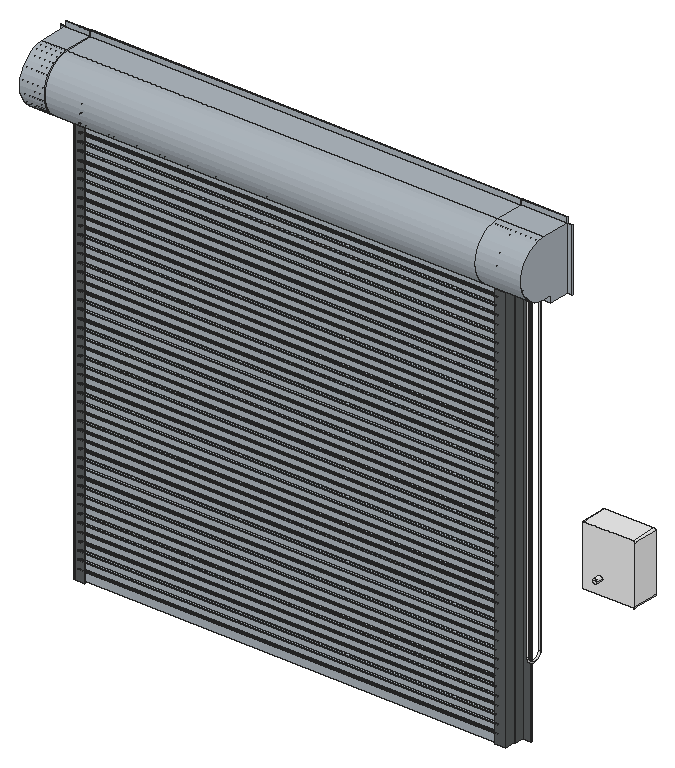
Revit family "Doors_Industrial_Wayne-Dalton_Advanced-Rolling-Door-System-Model-800-ADV", category Specialty Equipment, host Wall, Revit 2026
Family settings
  Host = Wall
  Round Connector Dimension = Use Diameter
  Part Type = Normal
  Classification Number = 23.30.10.21.34
  Enable Cutting in Views = No
  Always vertical = Yes
  Cut with Voids When Loaded = Yes
  Maintain Annotation Orientation = No
  Shared = No
  Room Calculation Point = No
Parameters (values of type "208 volts, one phase, 60 Hz (208-240V range)")
  X Motor [instance] = if(or(Opening Height < 120", Opening Height = 120"), 18 1/2", if(or(Opening Height < 180", Opening Height = 180"), 20", if(or(Opening Height < 240", Opening Height = 240"), 22", 22")))  # 18 1/2"
  X ChainH [instance] = if(or(Opening Height < 120", Opening Height = 120"), 18 1/2", if(or(Opening Height < 180", Opening Height = 180"), 20", if(or(Opening Height < 240", Opening Height = 240"), 22", 22")))  # 18 1/2"
  Warning Sign [instance] = if(Calculated Area > 683.00 SF, 1 = 1, 1 = 2)  # no
  Warning (Note) [instance] = if(Warning Sign, "The Door Area is out of the limit; please adjust accordingly. The maximum allowed area is 683 sq. ft.", " ")  # " "
  Wall Thickness [instance] = 6"
  Voltage = 208 V
  True Opening Width [instance] = Clear Width  # 120"
  True Opening Height [instance] = Clear Height  # 120"
  Slat Type [instance] = if(Slat Option < 2, "№4", if(Slat Option = 2, "№14", "№14 - Secur-Vent"))  # "№14"
  Slat Option [instance] = 2  # constant formula
  Slat Length [instance] = Clear Width + G Value * 2 - 1" / 2 * 2  # 126"
  Slat Height [instance] = if(Slat < 2, 13 205/256", 12 1/4")  # 12 1/4"
  Slat [instance] = if(Slat Option < 2, 1, if(Slat Option = 2, 2, if(Slat Option = 3, 3, 4)))  # 2
  Side Room Right [instance] = 18"  # constant formula
  Side Room Left [instance] = 12"  # constant formula
  Product Page URL = "https://www.wayne-dalton.com/advanced-rolling-door-systems-800adv"
  Power Factor = 1
  Powder Coat (Note) = "Wayne Dalton also offers approximately 200 RAL powder coat options to complement the exterior colors of a building."  # constant formula
  Operator Visibility = yes
  Opening Width Real [instance] = if(Opening Width > Max Opening Width, Max Opening Width, if(Opening Width < Min Opening Width, Min Opening Width, Opening Width))  # 120"
  Opening Width [instance] = 120"
  Opening Height Real [instance] = if(Opening Height > Max Opening Height, Max Opening Height, if(Opening Height < Min Opening Height, Min Opening Height, Opening Height))  # 120"
  Opening Height [instance] = 120"
  One Array element [instance] = not(Array Vis)  # no
  Number of Poles = 1
  Min Opening Width [instance] = 18"  # constant formula
  Min Opening Height [instance] = 24"  # constant formula
  Max Opening Width [instance] = 360"  # constant formula
  Max Opening Height [instance] = 360"  # constant formula
  Material Finish [instance] = 800 ADV : Standard - Gray
  M Value [instance] = if(or(Opening Width < 108", Opening Width = 108"), 5 3/4", if(or(Opening Width < 180", Opening Width = 180"), 6 1/4", if(or(Opening Width < 240", Opening Width = 240"), 7 1/4", 9 1/4")))  # 6 1/4"
  Jambs Offset L [instance] = 0"  # constant formula
  Jambs Offset R [instance] = 0"  # constant formula
  Installation Real [instance] = Wall Thickness  # 6"
  Hood Type [instance] = "Round Hood"  # constant formula
  Hood Offset [instance] = 2"  # constant formula
  Hood Material [instance] = Metal - Wayne Dalton - Gray
  Hood Height [instance] = if(Chain Hoist or Manual, Y ChainH - 2", Y Motor - 2")  # 16 1/2"
  Y Motor [instance] = if(or(Opening Height < 120", Opening Height = 120"), 18 1/2", if(or(Opening Height < 180", Opening Height = 180"), 20", if(or(Opening Height < 240", Opening Height = 240"), 22", 22")))  # 18 1/2"
  Y ChainH [instance] = if(or(Opening Height < 120", Opening Height = 120"), 18 1/2", if(or(Opening Height < 180", Opening Height = 180"), 20", if(or(Opening Height < 240", Opening Height = 240"), 22", 22")))  # 18 1/2"
  Headroom Height Lift [instance] = Y Motor + Hood Offset  # 20 1/2"
  Headroom Height [instance] = Headroom Height Lift + 1 1/2"  # 22"
  Guide Type [instance] = "Angled Z Guide"  # constant formula
  Guide Option [instance] = 2  # constant formula
  Guid Depth [instance] = D Value  # 6 1/4"
  G Value [instance] = if(or(Opening Width < 108", Opening Width = 108"), 3", if(or(Opening Width < 180", Opening Width = 180"), 3 1/2", if(or(Opening Width < 240", Opening Width = 240"), 4", 5 9/16")))  # 3 1/2"
  Frequency = 60 Hz
  Face Of Wall Mounting [instance] = not(Between Jambs Mounting)  # yes
  Door Width True [instance] = Clear Width + M Value * 2  # 132 1/2"
  Door Width (Real) [instance] = Clear Width + 1" / 2  # 120 1/2"
  Door Height True [instance] = Clear Width + Headroom Height  # 142"
  Door Height (Real) [instance] = Clear Height + Hood Offset  # 122"
  URL = "https://www.wayne-dalton.com/"
  Product data url = "https://www.bimobject.com/wayne-dalton/product/advanced-rolling-door-systems-800-adv"
  Product Guid = "0b55cba0-5740-4beb-a360-9fda8dc8a982"
  Model = "800 ADV"  # constant formula
  Manufacturer = "Wayne Dalton"  # constant formula
  Wall Closure = By host
  Floor To (CL) of Shaft [instance] = Clear Height + Hood Offset + 2" + Hood Height / 2  # 132 1/4"
  Finish Material = Finish - Wayne Dalton - Black
  Description = "Model 800 ADV Advanced Rolling Door System"  # constant formula
  Default Elevation = 0"
  D Value Clearance [instance] = D Value  # 6 1/4"
  D Value [instance] = if(or(Opening Width < 108", Opening Width = 108"), 5 11/16", if(or(Opening Width < 180", Opening Width = 180"), 6 1/4", if(or(Opening Width < 240", Opening Width = 240"), 6 3/16", 7 1/16")))  # 6 1/4"
  Clearance [instance] = no
  Clear Width [instance] = Opening Width Real  # 120"
  Clear Height [instance] = Opening Height Real  # 120"
  Chain Hoist or Manual = no
  Current = 20 A
  Connector Array Distance = 0"  # constant formula
  Connector Array = if(Chain Hoist or Manual, 2, 3)  # 3
  Between Jambs Mounting [instance] = 1 = 2  # no
  Bar [instance] = if(Face Of Wall Mounting, 1 = 1, 1 = 2)  # yes
  Backroom Depth [instance] = X Motor - 1 1/2"  # 17"
  BJ Opening Cut [instance] = 0"  # constant formula
  Array Vis [instance] = if(Array < 2, 1 = 2, 1 = 1)  # yes
  Array Real [instance] = if(Array < 2, 2, Array)  # 10
  Array Length [instance] = (Array) * Slat Height  # 122 1/2"
  Array [instance] = rounddown(([Door Height (Real)] - 3") / Slat Height) + 1  # 10
  Calculated Area [instance] = [Door Width (Real)] * [Door Height (Real)]  # 102.09 SF
  Apparent Load Phase 3 = if(Number of Poles = 1, 0 VA, (Voltage * Current * sqrt(3)) / 3)  # 0 VA
  Apparent Load Phase 2 = if(Number of Poles = 1, 0 VA, (Voltage * Current * sqrt(3)) / 3)  # 0 VA
  Apparent Load Phase 1 = if(Number of Poles = 1, Voltage * Current, (Voltage * Current * sqrt(3)) / 3)  # 4160 VA
Reference planes (in)
  plane 1 "Center (Front/Back)": y = -13.625
  plane 2 "Center (Left/Right)": x = 0
  plane 3 "Left": x = -60
  plane 4 "Right": x = 60
  plane 5 "Exterior": y = -7.625
  plane 6 "Interior": y = -13.625
  plane 7: z = 120
  plane 8 "Main": y = -19.23437
  plane 9 "Backroom Depth": y = -30.625
  plane 10 "Main Door Block": y = -13.625
  plane 11 "Bottom Bar": z = 2.75
  plane 12: y = -19.875
  plane 13: z = 125.25
  plane 14: z = 140.5
  plane 15: z = 122
  plane 16: z = 142
  plane 17: z = 0
  plane 18: z = 60
  plane 19: y = -19.125
  plane 20 "Double Main": y = -18.656
  plane 21 "Headroom Top": z = 142
  plane 22: z = 132.25
  plane 23: x = 63.5
  plane 24: x = -63.5
  plane 25: z = 113
  plane 26: z = 124
  plane 27: x = 62.8125
  plane 28: z = 2.75
  plane 29: y = -19.125
  plane 30: z = 113
  plane 31: y = -19.125
  plane 32: z = 15
  plane 33: y = -19.125
  plane 34: z = 27.25
  plane 35: y = -19.125
  plane 36: z = 39.5
  plane 37: y = -19.125
  plane 38: z = 51.75
  plane 39: y = -19.125
  plane 40: z = 64
  plane 41: y = -19.125
  plane 42: z = 76.25
  plane 43: y = -19.125
  plane 44: z = 88.5
  plane 45: y = -19.125
  plane 46: z = 100.75
  plane 47: y = -19.125
Forms (in)
  Extrusion 1, void
    sketch origin (0, -13.625, 0) x (0, 0, -1) y (-1, 0, 0)
      loop
        line (-120, 60) -> (-120, -60) -> (0, -60) -> (0, 60) -> (-120, 60)
    from 0 to 6
  Extrusion 2, solid, material "Metal - Wayne Dalton - Gray" <- "Hood Material", visible <- "Bar"
    sketch origin (0, 0, 0) x (0, 1, 0) y (0, 0, 1)
      loop
        line (-13.875, 140.5) -> (-13.625, 140.5) -> (-13.625, 142) -> (-13.875, 142) -> (-13.875, 140.5)
    from -63.25 to 63.25
  Extrusion 3, solid, material "Clearance - Wayne Dalton - Red", visible <- "Clearance"
    sketch origin (0, 0, 0) x (1, 0, 0) y (0, 1, 0)
      loop
        line (78.25, -13.625) -> (60.25, -13.625) -> (60.25, -19.875) -> (78.25, -19.875) -> (78.25, -13.625)
      loop
        line (-60.25, -13.625) -> (-72.25, -13.625) -> (-72.25, -19.875) -> (-60.25, -19.875) -> (-60.25, -13.625)
    from 0 to 122
Lines and regions (in)
  symbolic lines, visible <- "Bar"
    curve 1: line (63.25, -13.625, 0) -> (-63.25, -13.625, 0)
    curve 2: line (-63.25, -13.875, 0) -> (63.25, -13.875, 0)
Text (in)
  text "Exterior" at (-74.96733, 27.31104, 0), in view "Ref. Level"
  text "Interior" at (-74.96733, -25.14366, 0), in view "Ref. Level"
  text "Exterior" at (0, 40.15149, 123.01588), in view "Right"
  text "Interior" at (0, -64.39139, 123.01588), in view "Right"
  text "Interior" at (0, -31.01599, 123.00693), in view "Left"
  text "Exterior" at (0, 54.57065, 123.00693), in view "Left"
Dimensions and locks (in)
  equal spacing: plane 3 "Left", plane 2 "Center (Left/Right)", plane 4 "Right"
  "Clear Width": plane 3 "Left" to plane 4 "Right"
  level to host wall = 459.59655"
  "Clear Height": level to plane 7
  locked: plane 11 "Bottom Bar" to level at 2.75
  locked: plane 12 to plane 8 "Main" at 0.64063
  "Array Length": plane 13 to plane 11 "Bottom Bar"
  "Backroom Depth": plane 9 "Backroom Depth" to plane 10 "Main Door Block"
  locked: plane 16 to plane 14 at 1.5
  locked: Extrusion 2 sketch curve to Extrusion 2 sketch curve at 0.25
  "Installation Real": plane 1 "Center (Front/Back)" to plane 5 "Exterior"
  "Wall Thickness": host wall to host wall
  equal spacing: plane 7, plane 18, plane 17
  locked: plane 8 "Main" to plane 19 at 0.10937
  locked: plane 8 "Main" to plane 20 "Double Main" at 0.57837
  "BJ Opening Cut": Extrusion 1 sketch curve to plane 7
  locked: Extrusion 2 sketch curve to Extrusion 2 sketch curve at 1.5
  "Hood Offset": plane 15 to plane 7
  "Headroom Height": plane 21 "Headroom Top" to plane 7
  "Floor To (CL) of Shaft": plane 22 to level
  "Jambs Offset R": plane 4 "Right" to Extrusion 1 sketch curve
  "Jambs Offset L": Extrusion 1 sketch curve to plane 3 "Left"
  "G Value": plane 23 to plane 4 "Right"
  "G Value": plane 3 "Left" to plane 24
  "Guid Depth": plane 12 to plane 1 "Center (Front/Back)"
  "Slat Height": plane 13 to plane 25
  equal spacing: group 1, group 3, group 4, group 5, group 6, group 7, group 8, group 9, group 10, group 2  (x3)
  locked: plane 23 to Extrusion 2 at 0.25
  locked: plane 24 to Extrusion 2 at 0.25
  locked: plane 26 to plane 15 at 2
  "Hood Height": plane 14 to plane 26
  locked: plane 4 "Right" to plane 27 at 2.8125
  "D Value Clearance": Extrusion 3 sketch curve to Extrusion 3 sketch curve
  locked: plane 4 "Right" to Extrusion 3 sketch curve at 0.25
  "Side Room Right": Extrusion 3 sketch curve to Extrusion 3 sketch curve
  locked: Extrusion 3 sketch curve to plane 3 "Left" at 0.25
  "Side Room Left": Extrusion 3 sketch curve to Extrusion 3 sketch curve
  aligned and locked: plane 5 "Exterior" to host wall
  aligned and locked: host wall to plane 6 "Interior"
  aligned and locked: level to Extrusion 1 sketch curve
  aligned and locked: Extrusion 1 to plane 5 "Exterior"
  aligned and locked: plane 6 "Interior" to Extrusion 1
  aligned and locked: Extrusion 2 sketch curve to plane 16
  aligned and locked: plane 6 "Interior" to Extrusion 2 sketch curve
  aligned and locked: curve 1 to Extrusion 2  (x2)
  aligned and locked: curve 2 to Extrusion 2  (x2)
  aligned and locked: Extrusion 2 to curve 2
  aligned and locked: level to plane 17
  aligned and locked: plane 2 "Center (Left/Right)" to nested 1
  aligned and locked: nested 2 to plane 2 "Center (Left/Right)"
  aligned and locked: nested 3 to plane 18
  aligned and locked: plane 2 "Center (Left/Right)" to nested 3
  aligned and locked: plane 11 "Bottom Bar" to nested 5
  aligned and locked: plane 19 to nested 5
  aligned and locked: nested 3 to plane 19
  aligned and locked: plane 17 to nested 12
  aligned and locked: nested 12 to plane 2 "Center (Left/Right)"
  aligned and locked: nested 12 to plane 1 "Center (Front/Back)"
  aligned and locked: Extrusion 3 sketch curve to plane 1 "Center (Front/Back)"
  aligned and locked: plane 1 "Center (Front/Back)" to Extrusion 3 sketch curve
  aligned and locked: Extrusion 3 sketch curve to Extrusion 3 sketch curve
  aligned and locked: Extrusion 3 to level
  aligned and locked: plane 15 to Extrusion 3
  aligned and locked: plane 11 "Bottom Bar" to plane 28
  aligned and locked: plane 19 to plane 29
  aligned and locked: plane 25 to plane 30
  aligned and locked: plane 31 to plane 19
  aligned and locked: plane 10 "Main Door Block" to plane 6 "Interior"
Automatic sketch dimensions
  plane 23 to curve 1 = 1/4"
Nested families (in)
  nested 1: "Label Annotation 1" at (0, 19.375, 0), visible <- "Warning Sign", type "Label Annotation 1"
  nested 2: "Label Annotation 1" at (0, -40.625, 0) x (-1, 0, 0) z (0, 0, 1), visible <- "Warning Sign", type "Label Annotation 1"
  nested 3: "Warning Sign" at (0, -19.125, 60), visible <- "Warning Sign", type "Warning Sign"
    with Warning Sign no
  nested 4: "800 ADV" at (0, -19.125, 2.75), Slat Option <- "Slat Option", Opening Width <- "Slat Length", type <- "Material Finish", visible <- "Array Vis", type "Standard - Gray"
    with Void Offset 1", Void Height 3/4", Slat Width 3/4", Slat Position + Offset 13.146", Slat Position 12 1/4", Slat Option 2, Secure-Vent no, Profile #14 yes, Perforation no, Opening Width 126", Integrated Cutout no, Fenestration no, Cutout Width Offset 1", Cutout Vertical Offset 0.896", #4 no, # 14 yes
  nested 5: "800 ADV" at (0, -19.125, 2.75), visible <- "One Array element", Slat Option <- "Slat Option", Opening Width <- "Slat Length", type <- "Material Finish", type "Standard - Gray"
    with Void Offset 1", Void Height 3/4", Slat Width 3/4", Slat Position + Offset 13.146", Slat Position 12 1/4", Slat Option 2, Secure-Vent no, Profile #14 yes, Perforation no, Opening Width 126", Integrated Cutout no, Fenestration no, Cutout Width Offset 1", Cutout Vertical Offset 0.896", #4 no, # 14 yes
  nested 6: "800 ADV" at (0, -19.125, 113), Slat Option <- "Slat Option", Opening Width <- "Slat Length", type <- "Material Finish", visible <- "Array Vis", type "Standard - Gray"
    with Void Offset 1", Void Height 3/4", Slat Width 3/4", Slat Position + Offset 13.146", Slat Position 12 1/4", Slat Option 2, Secure-Vent no, Profile #14 yes, Perforation no, Opening Width 126", Integrated Cutout no, Fenestration no, Cutout Width Offset 1", Cutout Vertical Offset 0.896", #4 no, # 14 yes
  nested 7: "800 ADV" at (0, -19.125, 15), Slat Option <- "Slat Option", Opening Width <- "Slat Length", type <- "Material Finish", visible <- "Array Vis", type "Standard - Gray"
    with Void Offset 1", Void Height 3/4", Slat Width 3/4", Slat Position + Offset 13.146", Slat Position 12 1/4", Slat Option 2, Secure-Vent no, Profile #14 yes, Perforation no, Opening Width 126", Integrated Cutout no, Fenestration no, Cutout Width Offset 1", Cutout Vertical Offset 0.896", #4 no, # 14 yes
  nested 8: "800 ADV" at (0, -19.125, 27.25), Slat Option <- "Slat Option", Opening Width <- "Slat Length", type <- "Material Finish", visible <- "Array Vis", type "Standard - Gray"
    with Void Offset 1", Void Height 3/4", Slat Width 3/4", Slat Position + Offset 13.146", Slat Position 12 1/4", Slat Option 2, Secure-Vent no, Profile #14 yes, Perforation no, Opening Width 126", Integrated Cutout no, Fenestration no, Cutout Width Offset 1", Cutout Vertical Offset 0.896", #4 no, # 14 yes
  nested 9: "800 ADV" at (0, -19.125, 39.5), Slat Option <- "Slat Option", Opening Width <- "Slat Length", type <- "Material Finish", visible <- "Array Vis", type "Standard - Gray"
    with Void Offset 1", Void Height 3/4", Slat Width 3/4", Slat Position + Offset 13.146", Slat Position 12 1/4", Slat Option 2, Secure-Vent no, Profile #14 yes, Perforation no, Opening Width 126", Integrated Cutout no, Fenestration no, Cutout Width Offset 1", Cutout Vertical Offset 0.896", #4 no, # 14 yes
  nested 10: "800 ADV" at (0, -19.125, 51.75), Slat Option <- "Slat Option", Opening Width <- "Slat Length", type <- "Material Finish", visible <- "Array Vis", type "Standard - Gray"
    with Void Offset 1", Void Height 3/4", Slat Width 3/4", Slat Position + Offset 13.146", Slat Position 12 1/4", Slat Option 2, Secure-Vent no, Profile #14 yes, Perforation no, Opening Width 126", Integrated Cutout no, Fenestration no, Cutout Width Offset 1", Cutout Vertical Offset 0.896", #4 no, # 14 yes
  nested 11: "800 ADV" at (0, -19.125, 64), Slat Option <- "Slat Option", Opening Width <- "Slat Length", type <- "Material Finish", visible <- "Array Vis", type "Standard - Gray"
    with Void Offset 1", Void Height 3/4", Slat Width 3/4", Slat Position + Offset 13.146", Slat Position 12 1/4", Slat Option 2, Secure-Vent no, Profile #14 yes, Perforation no, Opening Width 126", Integrated Cutout no, Fenestration no, Cutout Width Offset 1", Cutout Vertical Offset 0.896", #4 no, # 14 yes
  nested 12: "Lifts" at (0, -13.625, 0) x (-1, 0, 0) z (0, 0, 1), type "Frame Unit"
    with Round Hood yes, Right Motor Position yes, No Hood no
  nested 13: "800 ADV" at (0, -19.125, 76.25), Slat Option <- "Slat Option", Opening Width <- "Slat Length", type <- "Material Finish", visible <- "Array Vis", type "Standard - Gray"
    with Void Offset 1", Void Height 3/4", Slat Width 3/4", Slat Position + Offset 13.146", Slat Position 12 1/4", Slat Option 2, Secure-Vent no, Profile #14 yes, Perforation no, Opening Width 126", Integrated Cutout no, Fenestration no, Cutout Width Offset 1", Cutout Vertical Offset 0.896", #4 no, # 14 yes
  nested 14: "800 ADV" at (0, -19.125, 88.5), Slat Option <- "Slat Option", Opening Width <- "Slat Length", type <- "Material Finish", visible <- "Array Vis", type "Standard - Gray"
    with Void Offset 1", Void Height 3/4", Slat Width 3/4", Slat Position + Offset 13.146", Slat Position 12 1/4", Slat Option 2, Secure-Vent no, Profile #14 yes, Perforation no, Opening Width 126", Integrated Cutout no, Fenestration no, Cutout Width Offset 1", Cutout Vertical Offset 0.896", #4 no, # 14 yes
  nested 15: "800 ADV" at (0, -19.125, 100.75), Slat Option <- "Slat Option", Opening Width <- "Slat Length", type <- "Material Finish", visible <- "Array Vis", type "Standard - Gray"
    with Void Offset 1", Void Height 3/4", Slat Width 3/4", Slat Position + Offset 13.146", Slat Position 12 1/4", Slat Option 2, Secure-Vent no, Profile #14 yes, Perforation no, Opening Width 126", Integrated Cutout no, Fenestration no, Cutout Width Offset 1", Cutout Vertical Offset 0.896", #4 no, # 14 yes
Connectors (in)
  electrical at (95, -21.165, 59.98825), driven by "Apparent Load Phase 1", driven by "Apparent Load Phase 2", driven by "Apparent Load Phase 3", driven by "Power Factor", driven by "Voltage", driven by "Number of Poles"
    settings: on nested 12, index 1, voltage 208 V, apparent load 0 VA, apparent load phase1 4160 VA, apparent load phase2 0 VA, apparent load phase3 0 VA, power factor 1, load classification "Other", number of poles 1, system type 31, power factor state 1, is connector primary yes, connector utility no, sub classification motor no, connector description "Electrical Connector"
Definition of nested family "800 ADV"
  Parameters (values of type "Standard - Biege")
    Void Offset [instance] = if(Integrated Cutout, 0", 1")  # 1"
    Void Height [instance] = if([Secure-Vent], 2.2", 3/4")  # 3/4"
    Standard = yes
    Slat Width [instance] = if(Slat Option < 2, 7/8", 3/4")  # 7/8"
    Slat Position + Offset [instance] = Slat Position + Cutout Vertical Offset  # 14.696"
    Slat Position [instance] = if(Slat Option < 2, 2.76" * 5, 2.45" * 5)  # 13.8"
    Slat Option [instance] = 1
    Secure-Vent [instance] = if(Slat Option > 2, 1 = 1, 1 = 2)  # no
    Rough Height = 0"
    Profile #14 [instance] = or(# 14, [Secure-Vent])  # no
    Perforation [instance] = [Secure-Vent]  # no
    Fenestration Large = no
    Fenestration [instance] = if(and(Integrated Cutout, not(Perforation)), 1 = 1, 1 = 2)  # no
    Cutout Width Offset [instance] = 1"  # constant formula
    Cutout Material Perforation = none
    Cutout Material = none
    Panel Material = none
    Opening Width [instance] = 123 5/8"
    Cutout Vertical Offset [instance] = 0.896"  # constant formula
    Default Elevation = 48"
    Integrated Cutout [instance] = if(and(Fenestration Large, Slat Option = 2), 1 = 1, if(and(Perforation, Slat Option > 2), 1 = 1, 1 = 2))  # no
    Analytic Construction = "<None>"
    #4 [instance] = if(Slat Option < 2, 1 = 1, 1 = 2)  # yes
    # 14 [instance] = if(Slat Option = 2, 1 = 1, 1 = 2)  # no
  Types (6): name | Standard | Fenestration Large
    Standard - White | yes | no
    Standard - Gray | yes | no
    Vision lites 0.75”x5” - Gray | no | yes
    Vision lites 0.75”x5” - Beige | no | yes
    Vision lites 0.75”x5” - White | no | yes
    Standard - Biege | yes | no
  Reference planes (in)
    plane 1 "Center (Front/Back)": y = 0
    plane 2: z = 0
    plane 3 "Center (Left/Right)": x = 0
    plane 4: x = -61.8125
    plane 5: x = 61.8125
    plane 6: y = 0.875
    plane 7: y = 0
    plane 8: y = 0.4375
    plane 9: y = 0.845
    plane 10: x = -60.8125
    plane 11: x = 60.8125
  Forms (in)
    Extrusion 1, solid, material <- "Panel Material", visible <- "Profile #14"
      sketch origin (0, -4.98186, 13.12534) x (0, 1, 0) y (0, 0, 1)
        loop
          arc (5.73186, -8.66795) -> (5.71046, -8.61155) -> (5.65703, -8.58356) r 0.085
          line (5.65703, -8.58356) -> (5.18016, -8.52611) -> (5.64686, -8.52611)
          arc (5.64686, -8.52611) -> (5.70696, -8.50122) -> (5.73186, -8.44111) r 0.085
          line (5.73186, -8.44111) -> (5.73186, -6.21795)
          arc (5.73186, -6.21795) -> (5.71046, -6.16155) -> (5.65703, -6.13356) r 0.085
          line (5.65703, -6.13356) -> (5.18016, -6.07611) -> (5.64686, -6.07611)
          arc (5.64686, -6.07611) -> (5.70696, -6.05122) -> (5.73186, -5.99111) r 0.085
          line (5.73186, -5.99111) -> (5.73186, -3.76795)
          arc (5.73186, -3.76795) -> (5.71046, -3.71155) -> (5.65703, -3.68356) r 0.085
          line (5.65703, -3.68356) -> (5.18016, -3.62611) -> (5.64686, -3.62611)
          arc (5.64686, -3.62611) -> (5.70696, -3.60122) -> (5.73186, -3.54111) r 0.085
          line (5.73186, -3.54111) -> (5.73186, -1.31795)
          arc (5.73186, -1.31795) -> (5.71046, -1.26155) -> (5.65703, -1.23356) r 0.085
          line (5.65703, -1.23356) -> (5.06387, -1.16211)
          arc (5.06387, -1.16211) -> (5.04815, -1.15387) -> (5.04186, -1.13729) r 0.025
          line (5.04186, -1.13729) -> (5.04186, -1.02403)
          arc (5.04186, -1.02403) -> (5.39304, -0.79238) -> (4.98186, -0.88137) r 0.214
          line (4.98186, -0.88137) -> (4.98186, -1.13729)
          arc (4.98186, -1.13729) -> (5.00326, -1.19368) -> (5.05669, -1.22168) r 0.085
          line (5.05669, -1.22168) -> (5.64985, -1.29313)
          arc (5.64985, -1.29313) -> (5.66556, -1.30136) -> (5.67186, -1.31795) r 0.025
          line (5.67186, -1.31795) -> (5.67186, -3.54111)
          arc (5.67186, -3.54111) -> (5.66454, -3.55879) -> (5.64686, -3.56611) r 0.025
          line (5.64686, -3.56611) -> (5.04186, -3.56611) -> (5.04186, -3.47403)
          arc (5.04186, -3.47403) -> (5.39304, -3.24238) -> (4.98186, -3.33137) r 0.214
          line (4.98186, -3.33137) -> (4.98186, -3.58729)
          arc (4.98186, -3.58729) -> (5.00326, -3.64368) -> (5.05669, -3.67168) r 0.085
          line (5.05669, -3.67168) -> (5.64985, -3.74313)
          arc (5.64985, -3.74313) -> (5.66556, -3.75136) -> (5.67186, -3.76795) r 0.025
          line (5.67186, -3.76795) -> (5.67186, -5.99111)
          arc (5.67186, -5.99111) -> (5.66454, -6.00879) -> (5.64686, -6.01611) r 0.025
          line (5.64686, -6.01611) -> (5.04186, -6.01611) -> (5.04186, -5.92403)
          arc (5.04186, -5.92403) -> (5.39304, -5.69238) -> (4.98186, -5.78137) r 0.214
          line (4.98186, -5.78137) -> (4.98186, -6.03729)
          arc (4.98186, -6.03729) -> (5.00326, -6.09368) -> (5.05669, -6.12168) r 0.085
          line (5.05669, -6.12168) -> (5.64985, -6.19313)
          arc (5.64985, -6.19313) -> (5.66556, -6.20136) -> (5.67186, -6.21795) r 0.025
          line (5.67186, -6.21795) -> (5.67186, -8.44111)
          arc (5.67186, -8.44111) -> (5.66454, -8.45879) -> (5.64686, -8.46611) r 0.025
          line (5.64686, -8.46611) -> (5.04186, -8.46611) -> (5.04186, -8.37403)
          arc (5.04186, -8.37403) -> (5.39304, -8.14238) -> (4.98186, -8.23137) r 0.214
          line (4.98186, -8.23137) -> (4.98186, -8.48729)
          arc (4.98186, -8.48729) -> (5.00326, -8.54368) -> (5.05669, -8.57168) r 0.085
          line (5.05669, -8.57168) -> (5.64985, -8.64313)
          arc (5.64985, -8.64313) -> (5.66556, -8.65136) -> (5.67186, -8.66795) r 0.025
          line (5.67186, -8.66795) -> (5.67186, -10.89111)
          arc (5.67186, -10.89111) -> (5.66454, -10.90879) -> (5.64686, -10.91611) r 0.025
          line (5.64686, -10.91611) -> (5.04186, -10.91611) -> (5.04186, -10.82403)
          arc (5.04186, -10.82403) -> (5.39304, -10.59238) -> (4.98186, -10.68137) r 0.214
          line (4.98186, -10.68137) -> (4.98186, -10.93729)
          arc (4.98186, -10.93729) -> (5.00326, -10.99368) -> (5.05669, -11.02168) r 0.085
          line (5.05669, -11.02168) -> (5.64985, -11.09313)
          arc (5.64985, -11.09313) -> (5.66556, -11.10136) -> (5.67186, -11.11795) r 0.025
          line (5.67186, -11.11795) -> (5.67186, -13.34111)
          arc (5.67186, -13.34111) -> (5.66454, -13.35879) -> (5.64686, -13.36611) r 0.025
          line (5.64686, -13.36611) -> (5.04186, -13.36611) -> (5.04186, -13.2739)
          arc (5.04186, -13.2739) -> (5.39412, -13.04524) -> (4.98186, -13.12534) r 0.21392
          line (4.98186, -13.12534) -> (4.98186, -13.34111)
          arc (4.98186, -13.34111) -> (5.00676, -13.40122) -> (5.06686, -13.42611) r 0.085
          line (5.06686, -13.42611) -> (5.64686, -13.42611)
          arc (5.64686, -13.42611) -> (5.70696, -13.40122) -> (5.73186, -13.34111) r 0.085
          line (5.73186, -13.34111) -> (5.73186, -11.11795)
          arc (5.73186, -11.11795) -> (5.71046, -11.06155) -> (5.65703, -11.03356) r 0.085
          line (5.65703, -11.03356) -> (5.18016, -10.97611) -> (5.64686, -10.97611)
          arc (5.64686, -10.97611) -> (5.70696, -10.95122) -> (5.73186, -10.89111) r 0.085
          line (5.73186, -10.89111) -> (5.73186, -8.66795)
      from -61.8125 to 61.8125
    Extrusion 2, void
      sketch origin (0, 0, 0) x (0, 1, 0) y (0, 0, 1)
        loop
          line (1.815, 1.271) -> (1.815, 0.521) -> (1.875, 0.521) -> (1.875, 1.271) -> (1.815, 1.271)
        loop
          line (1.815, 4.031) -> (1.815, 3.281) -> (1.875, 3.281) -> (1.875, 4.031) -> (1.815, 4.031)
        loop
          line (1.815, 6.791) -> (1.815, 6.041) -> (1.875, 6.041) -> (1.875, 6.791) -> (1.815, 6.791)
        loop
          line (1.815, 9.551) -> (1.815, 8.801) -> (1.875, 8.801) -> (1.875, 9.551) -> (1.815, 9.551)
        loop
          line (1.815, 12.311) -> (1.815, 11.561) -> (1.875, 11.561) -> (1.875, 12.311) -> (1.815, 12.311)
      from -60.8125 to 60.8125
  Cuts and joins
    Extrusion 2 cuts Extrusion 1
  Lines and regions (in)
    reference lines
      curve 1: line (0, -4.98186, 12.78) -> (0, 10.3327, 12.78)
      curve 2: line (0, -2.86663, 14.696) -> (0, 7.97837, 14.696)
      curve 3: line (0, -2.86663, 11.936) -> (0, 7.97837, 11.936)
      curve 4: line (0, -2.86663, 9.176) -> (0, 7.97837, 9.176)
      curve 5: line (0, -2.86663, 6.416) -> (0, 7.97837, 6.416)
      curve 6: line (0, -2.86663, 0.896) -> (0, 7.97837, 0.896)
      curve 7: line (0, -2.86663, 3.656) -> (0, 7.97837, 3.656)
  Dimensions and locks (in)
    equal spacing: plane 4, plane 3 "Center (Left/Right)", plane 5
    "Opening Width": plane 4 to plane 5
    "Slat Width": plane 1 "Center (Front/Back)" to plane 6
    equal spacing: plane 1 "Center (Front/Back)", plane 8, plane 6
    locked: plane 9 to plane 6 at 0.03
    "Cutout Width Offset": plane 4 to plane 10
    "Cutout Width Offset": plane 5 to plane 11
    "Void Height": Extrusion 2 sketch curve to Extrusion 2 sketch curve  (x5)
    locked: Extrusion 2 sketch curve to Extrusion 2 sketch curve at 0.06  (x5)
    "Void Offset": plane 6 to Extrusion 2 sketch curve
    locked: curve 1 to level at 12.78
    "Slat Position": curve 6 to curve 2
    equal spacing: Extrusion 2 sketch curve, curve 3, Extrusion 2 sketch curve
    equal spacing: Extrusion 2 sketch curve, curve 4, Extrusion 2 sketch curve
    equal spacing: Extrusion 2 sketch curve, curve 6, Extrusion 2 sketch curve
    equal spacing: Extrusion 2 sketch curve, curve 5, Extrusion 2 sketch curve
    equal spacing: curve 6, curve 7, curve 5, curve 4, curve 3, curve 2
    equal spacing: Extrusion 2 sketch curve, curve 7, Extrusion 2 sketch curve
    "Cutout Vertical Offset": curve 6 to plane 2
    aligned and locked: plane 2 to level
    aligned and locked: plane 1 "Center (Front/Back)" to plane 7
    aligned and locked: plane 5 to Extrusion 1
    aligned and locked: plane 4 to Extrusion 1
    aligned and locked: plane 9 to nested 1
    aligned and locked: plane 3 "Center (Left/Right)" to nested 1
    aligned and locked: Extrusion 2 sketch curve to Extrusion 2 sketch curve  (x4)
    aligned and locked: plane 10 to Extrusion 2
    aligned and locked: plane 11 to Extrusion 2
    aligned and locked: plane 3 "Center (Left/Right)" to nested 2
    aligned and locked: plane 3 "Center (Left/Right)" to nested 3
    aligned and locked: plane 3 "Center (Left/Right)" to nested 4
    aligned and locked: plane 3 "Center (Left/Right)" to nested 5
    aligned and locked: plane 9 to nested 2
    aligned and locked: plane 9 to nested 3
    aligned and locked: plane 9 to nested 4
    aligned and locked: plane 9 to nested 5
    aligned and locked: plane 9 to nested 10
    aligned and locked: plane 9 to nested 9
    aligned and locked: plane 9 to nested 8
    aligned and locked: plane 9 to nested 7
    aligned and locked: plane 9 to nested 6
  Automatic sketch dimensions
    plane 1 "Center (Front/Back)" to curve 1 = 4.98186"
    plane 1 "Center (Front/Back)" to curve 7 = 2.86663"
    curve 1 to curve 2 = 2.11523"
    curve 5 to curve 7 = 0"
    curve 3 to curve 2 = 0"  (x2)
    curve 6 to curve 7 = 0"
    curve 4 to curve 3 = 0"
    curve 2 to plane 6 = 7.10337"
    curve 5 to plane 6 = 7.10337"
    curve 4 to curve 5 = 0"
    curve 6 to curve 5 = 0"
    curve 7 to curve 5 = 0"
    curve 2 to curve 1 = 2.35433"
    Extrusion 1 sketch curve to Extrusion 1 sketch curve = 0"  (x48)
    curve 1 to Extrusion 1 sketch curve = 4.98186"
    curve 1 to Extrusion 1 sketch curve = 0.53603"
    Extrusion 1 sketch curve to Extrusion 1 sketch curve = 0.06"  (x9)
    Extrusion 1 sketch curve to Extrusion 1 sketch curve = 0.07483"  (x4)
    curve 1 to Extrusion 1 sketch curve = 0.87633"
    Extrusion 1 sketch curve to Extrusion 1 sketch curve = 0.01483"
    curve 1 to Extrusion 1 sketch curve = 3.32633"
    Extrusion 1 sketch curve to Extrusion 1 sketch curve = 0.12347"  (x4)
    curve 1 to Extrusion 1 sketch curve = 3.28077"
    curve 1 to Extrusion 1 sketch curve = 0.81676"
    Extrusion 1 sketch curve to Extrusion 1 sketch curve = 0.1133"  (x4)
    Extrusion 1 sketch curve to Extrusion 1 sketch curve = 0.00299"  (x4)
    Extrusion 1 sketch curve to Extrusion 1 sketch curve = 0.025"
    Extrusion 1 sketch curve to Extrusion 1 sketch curve = 0.21392"  (x6)
    Extrusion 1 sketch curve to Extrusion 1 sketch curve = 0.15392"
    Extrusion 1 sketch curve to Extrusion 1 sketch curve = 0.45109"  (x3)
    Extrusion 1 sketch curve to Extrusion 1 sketch curve = 0.45108"
    Extrusion 1 sketch curve to Extrusion 1 sketch curve = 0.59017"  (x2)
    curve 1 to Extrusion 1 sketch curve = 0.94778"
    curve 1 to Extrusion 1 sketch curve = 3.39778"
    Extrusion 1 sketch curve to Extrusion 1 sketch curve = 0.01017"  (x3)
    curve 1 to Extrusion 1 sketch curve = 0.88821"
    curve 1 to Extrusion 1 sketch curve = 3.33821"
    Extrusion 1 sketch curve to Extrusion 1 sketch curve = 2.0074"  (x4)
    Extrusion 1 sketch curve to Extrusion 1 sketch curve = 0.00603"  (x3)
    Extrusion 1 sketch curve to Extrusion 1 sketch curve = 0.21577"  (x4)
    Extrusion 1 sketch curve to Extrusion 1 sketch curve = 0.09209"
    Extrusion 1 sketch curve to Extrusion 1 sketch curve = 0.14265"
    Extrusion 1 sketch curve to Extrusion 1 sketch curve = 0.11326"
  Nested families (in)
    nested 1: "Perforation" at (0, 0.845, 0.896), visible <- "Fenestration", Perforation <- "Cutout Material", type "Perforation"
    nested 2: "Perforation" at (0, 0.845, 3.656), visible <- "Fenestration", Perforation <- "Cutout Material", type "Perforation"
    nested 3: "Perforation" at (0, 0.845, 6.416), visible <- "Fenestration", Perforation <- "Cutout Material", type "Perforation"
    nested 4: "Perforation" at (0, 0.845, 9.176), visible <- "Fenestration", Perforation <- "Cutout Material", type "Perforation"
    nested 5: "Perforation" at (0, 0.845, 11.936), visible <- "Fenestration", Perforation <- "Cutout Material", type "Perforation"
    nested 6: "Perforation" at (0, 0.845, 11.936), visible <- "Perforation", Perforation <- "Cutout Material Perforation", type "Perforation"
      with Perforation none
    nested 7: "Perforation" at (0, 0.845, 9.176), visible <- "Perforation", Perforation <- "Cutout Material Perforation", type "Perforation"
      with Perforation none
    nested 8: "Perforation" at (0, 0.845, 6.416), visible <- "Perforation", Perforation <- "Cutout Material Perforation", type "Perforation"
      with Perforation none
    nested 9: "Perforation" at (0, 0.845, 3.656), visible <- "Perforation", Perforation <- "Cutout Material Perforation", type "Perforation"
      with Perforation none
    nested 10: "Perforation" at (0, 0.845, 0.896), visible <- "Perforation", Perforation <- "Cutout Material Perforation", type "Perforation"
      with Perforation none
  Definition of nested family "Perforation"
    Parameters (values of type "Perforation")
      Thickness = 0.06"
      Perforation [instance] = none
      Opening Width = 123 5/8"
      Offset = 1"
      Height = 3/4"
      Default Elevation = 48"
    Reference planes (in)
      plane 1 "Center (Front/Back)": y = 0
      plane 2: z = 0
      plane 3 "Center (Left/Right)": x = 0
      plane 4: z = 0.375
      plane 5: z = -0.375
      plane 6: y = -0.03
      plane 7: y = 0.03
      plane 8: x = -61.8125
      plane 9: x = 61.8125
      plane 10: x = -60.8125
      plane 11: x = 60.8125
    Forms (in)
      Extrusion 1, solid, material <- "Perforation"
        sketch origin (0, -0.19, 0) x (0, 1, 0) y (0, 0, 1)
          loop
            line (0.16, 0.375) -> (0.16, -0.375) -> (0.22, -0.375) -> (0.22, 0.375) -> (0.16, 0.375)
        from -60.8125 to 60.8125
    Dimensions and locks (in)
      equal spacing: plane 4, level, plane 5
      "Height": plane 4 to plane 5
      equal spacing: plane 6, plane 1 "Center (Front/Back)", plane 7
      "Thickness": plane 6 to plane 7
      "Opening Width": plane 8 to plane 9
      "Offset": plane 8 to plane 10
      "Offset": plane 9 to plane 11
      equal spacing: plane 8, plane 3 "Center (Left/Right)", plane 9
      aligned and locked: plane 2 to level
      aligned and locked: plane 4 to Extrusion 1
      aligned and locked: Extrusion 1 to plane 5
      aligned and locked: plane 6 to Extrusion 1
      aligned and locked: plane 7 to Extrusion 1
      aligned and locked: Extrusion 1 to plane 10
      aligned and locked: plane 11 to Extrusion 1
    Automatic sketch dimensions
      Extrusion 1 sketch curve to level = 3/8"
      plane 1 "Center (Front/Back)" to Extrusion 1 sketch curve = 0.03"
      Extrusion 1 sketch curve to plane 1 "Center (Front/Back)" = 0.03"
      plane 4 to Extrusion 1 sketch curve = 0"
Definition of nested family "Lifts"
  Parameters (values of type "Frame Unit")
    True Width = if(Between Jambs, Opening Width, Opening Width + 1/2")  # 120 1/2"
    Slat Option = 1
    Side Clearance R Real = Side Clearance R + 1/4"  # 18 1/4"
    Side Clearance R = 18"
    Side Clearance L Real = Side Clearance L + 1/4"  # 12 1/4"
    Side Clearance L = 12"
    Round Hood [instance] = 1 = 1  # yes
    Rough Width = 0"
    Rough Height = 0"
    Right Motor Position [instance] = yes
    No Hood [instance] = no
    M Value = 6 1/4"
    Hood Offset = 2"
    Hood Height = Headroom Height Real - Hood Offset  # 18 1/2"
    Headroom Height Real = Headroom Height  # 20 1/2"
    Half Hood Height = Headroom Height - Hood Offset  # 18 1/2"
    Guide Z Wide R = M Value - G Value  # 2 3/4"
    Guide Z Wide L = M Value - G Value  # 2 3/4"
    Guide Offset R = BJ Displacement R + G Value  # 3 1/2"
    Guide Offset L = BJ Displacement L + G Value  # 3 1/2"
    G Value = 3 1/2"
    E Guide Width R = if(Between Jambs, Guide Offset R - G Value, 3")  # 3"
    E Guide Width L = if(Between Jambs, Guide Offset L - G Value, 3")  # 3"
    E Guide Height = 3"  # constant formula
    Z Guide = 1 = 1  # yes
    Slat Material = none
    Shaft Offset = (Hood Height - 2") / 2  # 8 1/4"
    Shaft Material = none
    Shaft Length 2 = G Value + 4"  # 7 1/2"
    Shaft Length 1 = G Value + 4"  # 7 1/2"
    Setback = if(Between Jambs, 0", 1/4")  # 1/4"
    Radius Hood = Shaft Offset  # 8 1/4"
    Opening Width = 120"
    Hood Material = none
    Headroom Height = 20 1/2"
    Header Width = 17"
    Opening Height = 120"
    Guide Type = if(Between Jambs, "Angled Between Jambs Z Guide", if(Guide Option > 1, "Angled Z Guide", "Angled E Guide"))  # "Angled Z Guide"
    Guide Option = if(Between Jambs, 1, 2)  # 2
    Guide Z Height = 3"  # constant formula
    Floor To (CL) of Shaft = 132 1/4"
    Finish Material = none
    Face to Wall Mount = not(Between Jambs)  # yes
    E Guide = if(Between Jambs, 1 = 1, 1 = 2)  # no
    Default Elevation = 0"
    D Value = 6 1/4"
    Chain offset = if(Opening Height < 35", Opening Height - 5", 30")  # 30"
    Between Jambs = no
    BJ Position = if(Between Jambs, 1/4", 0")  # 0"
    BJ Displacement R = if(Face to Wall Mount, 0", Side Clearance R - G Value)  # 0"
    BJ Displacement L = if(Face to Wall Mount, 0", Side Clearance L - G Value)  # 0"
    Angled Guide = 1 = 1  # yes
  Reference planes (in)
    plane 1 "Center (Front/Back)": y = 0
    plane 2: z = 0
    plane 3 "Center (Left/Right)": x = 0
    plane 4 "Opening Height": z = 120
    plane 5: x = -67.5
    plane 6: x = 67.5
    plane 7: z = 140.5
    plane 8: y = 17
    plane 9 "Real Opening 2": x = -60
    plane 10 "Real Opening 1": x = 60
    plane 11: z = 122
    plane 12 "Main": y = 0
    plane 13: z = 132.25
    plane 14: x = 63.5
    plane 15: x = -63.5
    plane 16: x = -63.5
    plane 17: x = 63.5
    plane 18: y = 6.25
    plane 19: x = -63.25
    plane 20: x = 63.25
    plane 21: z = 142
    plane 22: y = 6.25
    plane 23: y = 5.125
    plane 24: y = 6.25
    plane 25: y = 5.125
    plane 26: x = 70.75
    plane 27: x = -76.75
    plane 28: x = 70.5
    plane 29: x = -76.5
    plane 30: x = -95
    plane 31: z = 60
    plane 32: y = 7.54
    plane 33: z = 124
    plane 34: z = 30
    plane 35: z = 0
    plane 36: x = -74
    plane 37: x = -78.25
    plane 38: x = 72.25
  Forms (in)
    Extrusion 1, solid, material <- "Slat Material"
      sketch origin (0, 0, 0) x (0, 1, 0) y (0, 0, 1)
        loop
          line (5.5, 2.375) -> (5.5, 2.75) -> (4.75, 2.75) -> (4.75, 2.375) -> (5.5, 2.375)
      from -63.25 to 63.25
    Extrusion 2, solid, material <- "Slat Material"
      sketch origin (0, 0, 0) x (0, 1, 0) y (0, 0, 1)
        loop
          line (5.5, 2.375) -> (4.75, 2.375) -> (4.75, 0) -> (5.5, 0) -> (5.5, 2.375)
      from -63.25 to 63.25
    Extrusion 3, solid, material <- "Shaft Material"
      sketch origin (0, -5.35201, 0) x (0, 1, 0) y (0, 0, 1)
        loop
          circle (14.10201, 132.25) r 0.6
      from -76.5 to 70.5
    Extrusion 4, solid, material <- "Hood Material"
      sketch origin (0, 0, 0) x (0, 1, 0) y (0, 0, 1)
        loop
          line (0, 140.5) -> (0, 122) -> (6, 122) -> (6, 124) -> (8.75, 124)
          arc (8.75, 124) -> (17, 132.25) -> (8.75, 140.5) r 8.25
          line (8.75, 140.5) -> (0, 140.5)
      from -76.75 to 70.75
    Extrusion 5, solid, material <- "Finish Material", visible <- "Z Guide"
      sketch origin (0, 0, 0) x (1, 0, 0) y (0, 1, 0)
        loop
          line (66.25, 0) -> (66.25, 0.062)
          arc (66.25, 0.062) -> (66.19494, 0.19494) -> (66.062, 0.25) r 0.188
          line (66.062, 0.25) -> (63.75, 0.25) -> (63.75, 2.812)
          arc (63.75, 2.812) -> (63.69494, 2.94494) -> (63.562, 3) r 0.188
          line (63.562, 3) -> (63.5, 3) -> (63.5, 0) -> (66.25, 0)
        loop
          line (-66.25, 0) -> (-63.5, 0) -> (-63.5, 3) -> (-63.562, 3)
          arc (-63.562, 3) -> (-63.69494, 2.94494) -> (-63.75, 2.812) r 0.188
          line (-63.75, 2.812) -> (-63.75, 0.25) -> (-66.062, 0.25)
          arc (-66.062, 0.25) -> (-66.19494, 0.19494) -> (-66.25, 0.062) r 0.188
          line (-66.25, 0.062) -> (-66.25, 0)
      from 0 to 122
    Extrusion 6, solid, material <- "Finish Material", visible <- "Angled Guide"
      sketch origin (0, 0, 0) x (1, 0, 0) y (0, 1, 0)
        loop
          line (60.25, 6.25) -> (60.25, 6.187)
          arc (60.25, 6.187) -> (60.30477, 6.05477) -> (60.437, 6) r 0.187
          line (60.437, 6) -> (63.25, 6) -> (63.25, 4.25) -> (60.25, 4.25) -> (60.25, 4.187)
          arc (60.25, 4.187) -> (60.30477, 4.05477) -> (60.437, 4) r 0.187
          line (60.437, 4) -> (63, 4) -> (63, 2) -> (63.5, 2) -> (63.5, 6.25) -> (60.25, 6.25)
        loop
          line (-60.25, 6.25) -> (-63.5, 6.25) -> (-63.5, 2) -> (-63, 2) -> (-63, 4) -> (-60.437, 4)
          arc (-60.437, 4) -> (-60.30477, 4.05477) -> (-60.25, 4.187) r 0.187
          line (-60.25, 4.187) -> (-60.25, 4.25) -> (-63.25, 4.25) -> (-63.25, 6) -> (-60.437, 6)
          arc (-60.437, 6) -> (-60.30477, 6.05477) -> (-60.25, 6.187) r 0.187
          line (-60.25, 6.187) -> (-60.25, 6.25)
      from 0 to 120
    Extrusion 7, solid, material <- "Hood Material"
      sketch origin (0, 35, 0) x (0, 1, 0) y (0, 0, 1)
        loop
          line (-35, 140.5) -> (-35, 122) -> (-29, 122) -> (-29, 124) -> (-26.25, 124)
          arc (-26.25, 124) -> (-18, 132.25) -> (-26.25, 140.5) r 8.25
          line (-26.25, 140.5) -> (-35, 140.5)
      from -76.75 to 70.75
    Extrusion 8, void
      sketch origin (0, 0, 0) x (0, 1, 0) y (0, 0, 1)
        loop
          line (0, 140.5) -> (0, 122) -> (17, 122) -> (17, 140.5) -> (0, 140.5)
      from -63.25 to 63.5
    Extrusion 9, solid, material <- "Hood Material"
      sketch origin (0, 0, 0) x (1, 0, 0) y (0, 0, 1)
        loop
          line (-63.5, 140.5) -> (-63.5, 142) -> (-78.25, 142) -> (-78.25, 122) -> (-76.75, 122) -> (-76.75, 140.5) -> (-63.5, 140.5)
        loop
          line (63.5, 140.5) -> (70.75, 140.5) -> (70.75, 122) -> (72.25, 122) -> (72.25, 142) -> (63.5, 142) -> (63.5, 140.5)
      from 0 to -0.25
    Extrusion 10, void
      sketch origin (0, 0, 0) x (1, 0, 0) y (0, 0, 1)
        loop
          line (-76.75, 140.5) -> (-76.75, 142) -> (-78.75, 142) -> (-78.75, 140.5) -> (-76.75, 140.5)
        loop
          line (70.75, 140.5) -> (72.75, 140.5) -> (72.75, 142) -> (70.75, 142) -> (70.75, 140.5)
      from -0.71968 to 0.40528
    Extrusion 11, solid, material <- "Shaft Material"
      sketch origin (-95, 0, 60) x (-1, 0, 0) y (0, 0, -1)
        loop
          arc (7.25, -8.8945) -> (7.60355, -8.74805) -> (7.75, -8.3945) r 0.5
          line (7.75, -8.3945) -> (7.75, 8.418)
          arc (7.75, 8.418) -> (7.60355, 8.77155) -> (7.25, 8.918) r 0.5
          line (7.25, 8.918) -> (-7.25, 8.918)
          arc (-7.25, 8.918) -> (-7.60355, 8.77155) -> (-7.75, 8.418) r 0.5
          line (-7.75, 8.418) -> (-7.75, -8.3945)
          arc (-7.75, -8.3945) -> (-7.60355, -8.74805) -> (-7.25, -8.8945) r 0.5
          line (-7.25, -8.8945) -> (7.25, -8.8945)
      from 0 to -7.54
    Revolve 12, solid, material <- "Shaft Material", visible <- "Right Motor Position"
      sketch origin (-95, 0, 55.48825) x (-1, 0, 0) y (0, -1, 0)
        loop
          line (-2.6811, -7.54) -> (-2.6811, -9.312) -> (-2.0811, -9.312) -> (-1.9311, -7.54) -> (-2.6811, -7.54)
        axis (-2.6811, -7.54) -> (-2.6811, -9.312)
      angle from 0 to 360
    Sweep 13, solid, material <- "Shaft Material"
      path origin (-74, 28.875, 1000) x (0, 1, 0) y (0, 0, 1)
        loop
          line (-18.08594, -875.5) -> (-18.08594, -970)
          arc (-18.08594, -970) -> (-19.98047, -971.89453) -> (-21.875, -970) r 1.89453
          line (-21.875, -970) -> (-21.875, -876)
      profile origin (-74, 10.78906, 77.25) x (1, 0, 0) y (0, 1, 0)
        loop
          circle (0, 0.2675) r 0.2675
  Cuts and joins
    Extrusion 8 cuts Extrusion 4
    Extrusion 10 cuts Extrusion 9
  Lines and regions (in)
    Masking region 1
      outline origin (0, 0, 0) x (1, 0, 0) y (0, 1, 0)
        loop
          line (-63.5, 17) -> (-63.5, 0) -> (63.5, 0) -> (63.5, 17) -> (-63.5, 17)
    Masking region 2
      outline origin (-95, 0, 60) x (-1, 0, 0) y (0, -1, 0)
        loop
          line (-7.75, -7.54) -> (7.75081, -7.54) -> (7.75081, 0) -> (-7.75, 0) -> (-7.75, -7.54)
    Masking region 3
      outline origin (-95, 0, 60) x (-1, 0, 0) y (0, -1, 0)
        loop
          line (-3.2811, -9.312) -> (-2.0811, -9.312) -> (-1.9311, -7.54) -> (-3.4311, -7.54) -> (-3.2811, -9.312)
    Masking region 4
      outline origin (0, 0, 0) x (1, 0, 0) y (0, 1, 0)
        loop
          line (-76.75, 17) -> (-76.75, 0.25) -> (-78.25, 0.25) -> (-78.25, 0) -> (-63.5, 0) -> (-63.5, 17) -> (-76.75, 17)
        loop
          line (63.5, 0) -> (72.25, 0) -> (72.25, 0.25) -> (70.75, 0.25) -> (70.75, 17) -> (63.5, 17) -> (63.5, 0)
    symbolic lines
      curve 1: line (-63.25, 0, 0) -> (-63.25, 17, 0)
      curve 2: line (63.25, 17, 0) -> (63.25, 0, 0)
      curve 5: line (-78.25, 0.25, 0) -> (-63.5, 0.25, 0)
      curve 6: line (63.5, 0.25, 0) -> (72.25, 0.25, 0)
    reference lines
      curve 3: line (-95, 0, 60) -> (-107, 0, 60)
      curve 4: line (-95, 0, 55.48825) -> (-107, 0, 55.48825)
  Dimensions and locks (in)
    Extrusion 1 sketch curve to level = 2 3/8"
    locked: Extrusion 1 sketch curve to Extrusion 1 sketch curve at 0.75
    locked: Extrusion 2 sketch curve to level at 2.375
    "Headroom Height Real": plane 7 to plane 4 "Opening Height"
    plane 8 to plane 1 "Center (Front/Back)" = 17"
    "Opening Height": plane 4 "Opening Height" to level
    "Hood Offset": plane 11 to plane 4 "Opening Height"
    "BJ Position": plane 12 "Main" to plane 1 "Center (Front/Back)"
    "Header Width": plane 12 "Main" to plane 8
    "Floor To (CL) of Shaft": plane 13 to level
    "Shaft Offset": Extrusion 3 sketch curve to plane 8
    locked: Extrusion 2 sketch curve to Extrusion 2 sketch curve at 0.75
    "Guide Offset L": plane 10 "Real Opening 1" to plane 14
    "Guide Offset R": plane 15 to plane 9 "Real Opening 2"
    locked: Extrusion 5 sketch curve to Extrusion 5 sketch curve at 0.25  (x4)
    "Guide Z Wide L": Extrusion 5 sketch curve to Extrusion 5 sketch curve
    "Guide Z Height": Extrusion 5 sketch curve to Extrusion 5 sketch curve  (x2)
    "Guide Z Wide R": Extrusion 5 sketch curve to Extrusion 5 sketch curve
    locked: Extrusion 6 sketch curve to Extrusion 6 sketch curve at 0.25  (x6)
    locked: Extrusion 6 sketch curve to Extrusion 6 sketch curve at 2.25  (x2)
    locked: Extrusion 6 sketch curve to Extrusion 6 sketch curve at 4.25  (x2)
    "Setback": plane 10 "Real Opening 1" to Extrusion 6 sketch curve
    "Setback": Extrusion 6 sketch curve to plane 9 "Real Opening 2"
    "G Value": Extrusion 5 sketch curve to plane 9 "Real Opening 2"
    "G Value": plane 10 "Real Opening 1" to Extrusion 5 sketch curve
    "G Value": plane 10 "Real Opening 1" to plane 17
    "G Value": plane 16 to plane 9 "Real Opening 2"
    "Shaft Length 1": plane 5 to plane 9 "Real Opening 2"
    "Shaft Length 2": plane 6 to plane 10 "Real Opening 1"
    locked: Extrusion 2 to plane 17 at 0.25
    locked: Extrusion 2 to plane 16 at 0.25
    locked: plane 16 to plane 19 at 0.25
    locked: plane 20 to plane 17 at 0.25
    equal spacing: plane 9 "Real Opening 2", plane 3 "Center (Left/Right)", plane 10 "Real Opening 1"
    "Opening Width": plane 9 "Real Opening 2" to plane 10 "Real Opening 1"
    locked: plane 21 to plane 7 at 1.5
    "D Value": plane 1 "Center (Front/Back)" to plane 18
    "D Value": plane 22 to plane 1 "Center (Front/Back)"
    locked: plane 22 to plane 23 at 1.125
    equal spacing: Extrusion 1 sketch curve, plane 23, Extrusion 1 sketch curve
    "D Value": plane 24 to plane 1 "Center (Front/Back)"
    locked: plane 24 to plane 25 at 1.125
    equal spacing: Extrusion 2 sketch curve, plane 25, Extrusion 2 sketch curve
    "G Value": plane 10 "Real Opening 1" to Extrusion 6 sketch curve
    "G Value": Extrusion 6 sketch curve to plane 9 "Real Opening 2"
    locked: Extrusion 4 sketch curve to Extrusion 4 sketch curve at 6
    "Shaft Offset": Extrusion 4 sketch curve to plane 8
    locked: Extrusion 4 sketch curve to plane 11 at 2
    Extrusion 5 to plane 8 = 17"
    locked: Extrusion 7 sketch curve to Extrusion 7 sketch curve at 6
    "Shaft Offset": Extrusion 7 sketch curve to plane 8
    locked: Extrusion 7 sketch curve to plane 11 at 2
    locked: plane 26 to plane 28 at 0.25
    locked: plane 29 to plane 27 at 0.25
    locked: Extrusion 9 to Extrusion 9 at 0.25
    locked: Extrusion 10 sketch curve to Extrusion 10 sketch curve at 2  (x2)
    locked: Extrusion 10 sketch curve to Extrusion 10 sketch curve at 1.5  (x2)
    locked: Extrusion 10 to plane 1 "Center (Front/Back)" at 0.40528
    locked: Extrusion 10 to Extrusion 10 at 1.12497
    locked: Extrusion 10 to Extrusion 10 at 2
    locked: Extrusion 9 sketch curve to Extrusion 9 sketch curve at 1.5  (x2)
    locked: cut or joined group of Extrusion 9, Extrusion 10 to cut or joined group of Extrusion 9, Extrusion 10 at 0.25
    Masking region 2 sketch curve to Masking region 2 sketch curve = 15.50081"
    locked: Masking region 2 sketch curve to Masking region 2 sketch curve at 7.54
    locked: curve 3 to curve 3 at 12
    locked: curve 4 to curve 4 at 12
    locked: plane 31 to curve 4 at 4.51175
    locked: plane 31 to plane 2 at 60
    locked: Revolve 12 sketch curve to Revolve 12 sketch curve at 0.6
    locked: Revolve 12 sketch curve to Revolve 12 sketch curve at 0.75
    locked: Revolve 12 sketch curve to plane 32 at 1.772
    locked: plane 30 to plane 19 at 31.75
    "Chain offset": plane 34 to plane 35
    locked: plane 36 to plane 9 "Real Opening 2" at 14
    locked: plane 33 to plane 11 at 2
    locked: Extrusion 9 sketch curve to plane 7 at 1.5
    Extrusion 9 sketch curve to plane 7 = 1 1/2"
    locked: Sweep 13 sketch curve to plane 33 at 0.5
    locked: plane 27 to plane 37 at 1.5
    "Side Clearance R Real": plane 37 to plane 9 "Real Opening 2"
    locked: plane 38 to plane 26 at 1.5
    "Side Clearance L Real": plane 38 to plane 10 "Real Opening 1"
    radius of Extrusion 5 sketch curve = 0.188"  (x4)
    locked: Extrusion 6 sketch curve to Extrusion 6 sketch curve (radius 0.187")  (x4)
    aligned and locked: plane 2 to level
    aligned and locked: Extrusion 4 sketch curve to plane 7
    aligned and locked: plane 13 to Extrusion 3 sketch curve
    aligned and locked: Extrusion 5 sketch curve to plane 1 "Center (Front/Back)"  (x2)
    aligned and locked: plane 18 to Extrusion 6 sketch curve
    aligned and locked: Extrusion 6 sketch curve to Extrusion 6 sketch curve  (x2)
    aligned and locked: Extrusion 6 sketch curve to plane 18
    aligned and locked: plane 4 "Opening Height" to Extrusion 6
    aligned and locked: Extrusion 4 sketch curve to plane 12 "Main"
    aligned and locked: Masking region 1 to curve 2  (x2)
    aligned and locked: Masking region 1 to curve 1  (x2)
    aligned and locked: Extrusion 2 to Extrusion 1
    aligned and locked: Extrusion 1 to Extrusion 2
    aligned and locked: Masking region 1 to plane 16
    aligned and locked: Masking region 1 to plane 17
    aligned and locked: Extrusion 4 sketch curve to plane 11
    aligned and locked: Extrusion 5 to plane 11
    aligned and locked: Extrusion 7 sketch curve to plane 7
    aligned and locked: Extrusion 7 sketch curve to plane 12 "Main"
    aligned and locked: Extrusion 7 sketch curve to plane 11
    aligned and locked: Extrusion 8 sketch curve to plane 12 "Main"
    aligned and locked: Extrusion 8 sketch curve to plane 11
    aligned and locked: Extrusion 8 sketch curve to plane 8
    aligned and locked: Extrusion 8 sketch curve to plane 7
    aligned and locked: cut or joined group of Extrusion 4, Extrusion 8 to plane 27
    aligned and locked: plane 26 to cut or joined group of Extrusion 4, Extrusion 8
    aligned and locked: plane 26 to Extrusion 7
    aligned and locked: Extrusion 7 to plane 27
    aligned and locked: plane 28 to Extrusion 3
    aligned and locked: Extrusion 3 to plane 29
    aligned and locked: Extrusion 9 sketch curve to plane 7
    aligned and locked: Extrusion 9 sketch curve to plane 27
    aligned and locked: plane 11 to Extrusion 9 sketch curve
    aligned and locked: plane 1 "Center (Front/Back)" to Extrusion 9
    aligned and locked: plane 27 to Extrusion 10
    aligned and locked: plane 26 to Extrusion 10 sketch curve
    aligned and locked: plane 21 to Extrusion 10 sketch curve
    aligned and locked: curve 3 to plane 30
    aligned and locked: curve 3 to plane 31
    aligned and locked: curve 4 to plane 30
    aligned and locked: Revolve 12 sketch curve to Revolve 12 sketch curve
    aligned and locked: Revolve 12 sketch curve to plane 32
    aligned and locked: plane 34 to Sweep 13 sketch curve  (x2)
    aligned and locked: plane 35 to plane 2
    aligned and locked: cut or joined group of Extrusion 4, Extrusion 8 to plane 19
    aligned and locked: cut or joined group of Extrusion 4, Extrusion 8 to plane 17
    aligned and locked: plane 16 to Extrusion 9 sketch curve
    aligned and locked: plane 17 to Extrusion 9 sketch curve
    aligned and locked: Extrusion 10 sketch curve to Extrusion 10 sketch curve
    aligned and locked: Masking region 4 sketch curve to cut or joined group of Extrusion 4, Extrusion 8
    aligned and locked: Masking region 4 sketch curve to plane 8  (x2)
    aligned and locked: plane 15 to Masking region 4 sketch curve
    aligned and locked: plane 1 "Center (Front/Back)" to Masking region 4 sketch curve
    aligned and locked: Masking region 4 sketch curve to plane 37
    aligned and locked: cut or joined group of Extrusion 9, Extrusion 10 to Masking region 4 sketch curve
    aligned and locked: Masking region 4 sketch curve to plane 14
    aligned and locked: Masking region 4 sketch curve to plane 38
    aligned and locked: Masking region 4 sketch curve to plane 1 "Center (Front/Back)"
    aligned and locked: Masking region 4 sketch curve to cut or joined group of Extrusion 9, Extrusion 10
    aligned and locked: Masking region 4 sketch curve to plane 26
    aligned and locked: plane 37 to curve 5
    aligned and locked: plane 16 to curve 5
    aligned and locked: curve 5 to cut or joined group of Extrusion 9, Extrusion 10
    aligned and locked: plane 38 to curve 6
    aligned and locked: plane 14 to curve 6
    aligned and locked: curve 6 to cut or joined group of Extrusion 9, Extrusion 10
  Automatic sketch dimensions
    Masking region 1 sketch curve to plane 1 "Center (Front/Back)" = 0"
    Masking region 1 sketch curve to plane 15 = 0"
    Masking region 1 sketch curve to plane 14 = 0"
    Masking region 1 sketch curve to plane 8 = 0"
    Extrusion 9 sketch curve to plane 11 = 0"
    Extrusion 9 sketch curve to plane 7 = 0"
    Extrusion 10 sketch curve to plane 27 = 0"
    Extrusion 11 sketch curve to curve 3 = 7 3/4"
    Extrusion 11 sketch curve to Extrusion 11 sketch curve = 1/2"  (x3)
    Extrusion 11 sketch curve to curve 3 = 4 3/4"  (x2)
    Extrusion 11 sketch curve to curve 3 = 8.8945"
    curve 3 to Extrusion 11 sketch curve = 8.418"
    Revolve 12 sketch curve to curve 4 = 2.6811"
    Revolve 12 sketch curve to curve 4 = 18.88505"
    Revolve 12 sketch curve to curve 4 = 3.07036"
    curve 3 to Masking region 2 sketch curve = 0"
    Masking region 2 sketch curve to curve 3 = 7 3/4"
    Masking region 3 sketch curve to curve 3 = 3.4311"
    Masking region 3 sketch curve to Masking region 3 sketch curve = 0.15"
    Masking region 3 sketch curve to Masking region 3 sketch curve = 1.2"
    Masking region 3 sketch curve to Masking region 3 sketch curve = 1 1/2"
    Masking region 3 sketch curve to curve 3 = 9.312"
    Masking region 3 sketch curve to Masking region 3 sketch curve = 1.772"
    Sweep 13 sketch curve to profile plane = 0"
    Sweep 13 sketch curve to profile plane = 0.2675"
    Sweep 13 sketch curve to plane 33 = 0"
    Sweep 13 sketch curve to plane 1 "Center (Front/Back)" = 7"
    Sweep 13 sketch curve to Sweep 13 sketch curve = 1 229/256"
    Extrusion 9 sketch curve to plane 26 = 0"
    curve 1 to plane 19 = 0"
    curve 2 to plane 20 = 0"
    Extrusion 1 sketch curve to Extrusion 1 sketch curve = 3/8"
    Extrusion 2 sketch curve to level = 0"
    Extrusion 6 sketch curve to plane 19 = 1/4"
    plane 20 to Extrusion 6 sketch curve = 1/4"
    radius of Extrusion 3 sketch curve = 0.6"
    radius of Sweep 13 sketch curve = 0.2675"
Definition of nested family "Label Annotation 1"
  Parameters (values of type "Label Annotation 1-8")
    Label = "Area is too big. Please reduce Door Size."
  Reference planes (in)
    plane 1: y = 0
    plane 2: x = 0
  Text (in)
    label "Label" at (0.00375, -0.00345, 0), shows "Label"
Definition of nested family "Warning Sign"
  Parameters (values of type "Warning Sign")
    Warning Sign [instance] = no
    Default Elevation = 48"
  Reference planes (in)
    plane 1 "Center (Front/Back)": y = 0
    plane 2: z = 0
    plane 3 "Center (Left/Right)": x = 0
    plane 4: y = 0.5
    plane 5: y = -0.5
    plane 6: y = 1
    plane 7: y = 0.25
  Lines and regions (in)
    model lines
      curve 1: line (-2.26129, 1, 45.69444) -> (-26.3817, 1, 3.91667)
      curve 2: line (-25.25106, 1, 3.26389) -> (-1.13064, 1, 45.04167)
      curve 3: arc (2.26129, 1, 45.69444) -> (0, 1, 47) -> (-2.26129, 1, 45.69444) r 2.61111
      curve 4: arc (-1.13064, 1, 45.04167) -> (0, 1, 45.69444) -> (1.13064, 1, 45.04167) r 1.30556
      curve 5: line (1.13064, 1, 45.04167) -> (25.25106, 1, 3.26389)
      curve 6: line (26.3817, 1, 3.91667) -> (2.26129, 1, 45.69444)
      curve 7: arc (25.25106, 1, 3.26389) -> (25.25106, 1, 1.95833) -> (24.12041, 1, 1.30556) r 1.30556
